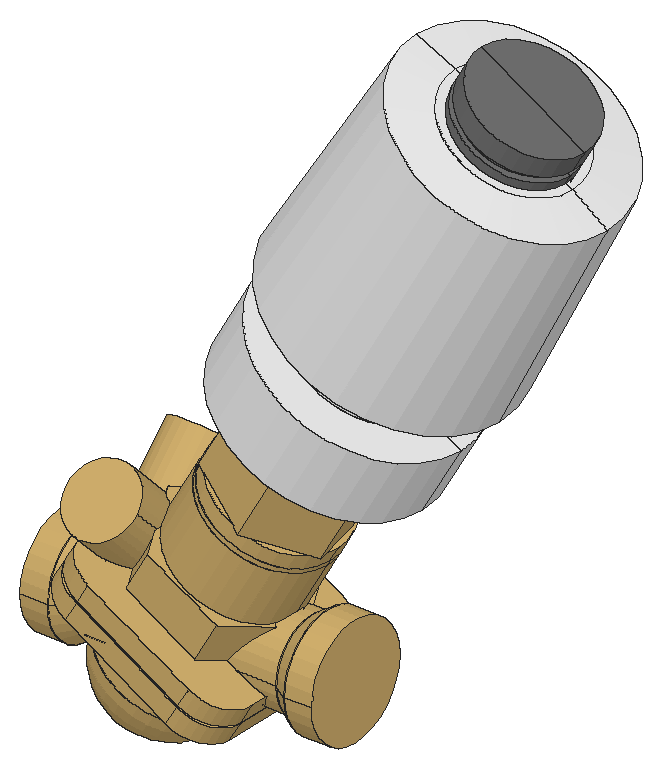
Revit family "AB-QM_DN10LF-32HF_External_TWA-Q_RFA", category Pipe Accessories, Revit 2019
Family settings
  Round Connector Dimension = Use Diameter
  Part Type = Valve - Breaks Into
  Work Plane-Based = No
  Always vertical = Yes
  Cut with Voids When Loaded = No
  Shared = No
Parameters (values of type "AB-QM_DN10_External_003Z1201")
  Weight = 0.38 kg
  TP_L2 = 7 mm
  TD = R_V1_1 * 2  # 20 mm
  R_B4 = 15 mm
  R_B2 = 12 mm
  R_Arc2 = 7 mm
  Nominal Pressure = "PN 16"  # constant formula
  Model Type = "AB-QM_DN10_External"
  LV1 = 22 mm
  LV = 37 mm
  LOD 350 = not(LOD 200)  # yes
  LOD 200 = no
  L1 = 5 mm
  H_N1 = 8 mm
  H_A5 = 6.7 mm  # constant formula
  H_A2 = 20 mm
  TP_L = 13.5 mm
  Valve Body Material = Danfoss Brass
  URL = "https://store.danfoss.com/en/Climate-Solutions-for-heating/Hydronic-Balancing-and-Control/Pressure-independent-balancing-and-control/AB-QM/AB-QM-Valves/c/6990?q=%3Arelevance%3Adanfoss_producttypehierarchydesc%3A64b9d8b4eb1386042d41cb0d6519f866d976fa12%3Adanfoss_a50461501115_fts%3ATA6_1501121%3Adanfoss_a1389412863%3ATA4_425360%3Adanfoss_a1389412863%3ATA3_425359%3Adanfoss_a1389412863%3ATA2_425358%3Adanfoss_a1389412863%3ATA1_425357%3Adanfoss_a1389412863%3ATA30_458320&page=0&pageSize=20"
  TP_H = 17 mm
  Stroke = "2.25 mm"
  Setting Range = "20-120%"
  H_Plate_ve = -H_Plate  # -3.8 mm
  H_Plate = 3.8 mm
  R_T = 10 mm
  R_N2 = 12.7 mm
  R_N1 = 14.4 mm
  R_V1 = 8 mm
  TP_R1 = 6.5 mm
  Pressure Drop [instance] = 0.0 Pa
  Nominal Flow = "275 l/h"
  Model = "003Z1201"
  Min Pressure Drop = "16 kPa"
  Min Medium Temperature = "120 °C"  # constant formula
  Max Pressure Drop = "600 kPa"  # constant formula
  Max Medium Temperature = "2 °C"  # constant formula
  Manufacturer = "Danfoss"  # constant formula
  H_A4 = 3 mm
  L_1 = 26.5 mm
  H_N2 = 17.8 mm
  L2 = 3 mm
  L_Plate = 35 mm
  L = L_1 * 2  # 53 mm
  IfcExportType = "AB-QM"  # constant formula
  IfcExportAs = "IfcValveType"  # constant formula
  H_A = 12.5 mm
  H_A1 = 8 mm
  H_A3 = 1 mm
  H2 = 19 mm
  H1 = 60 mm
  GAP2 = 1 mm
  GAP = 0.5 mm
  Flow [instance] = 0.0 L/s
  Description = "Pressure Independent Control Valve"  # constant formula
  R_B3 = 12 mm
  R_V1_1 = 10 mm
  D = 10 mm
  Connection = "External Thread"  # constant formula
  R_N2_6 = R_N2 * cos(30.00°)  # 10.999 mm
  R_N1_6 = R_N1 * cos(30.00°)  # 12.471 mm
  R_Arc1 = 3 mm
  R_B1 = 12.5 mm
  A2 = 14.5 mm
  A1 = 10.5 mm
  A = 30.00°
Types (11, lengths in mm): name | Weight | TP_L2 | TD | R_B2 | R_Arc2 | Model Type | LV1 | LV | L1 | H_N1 | H_A2 | TP_L | URL | TP_H | Stroke | Setting Range | H_Plate_ve | H_Plate | R_N2 | R_N1 | R_V1 | Nominal Flow | Model | Min Pressure Drop | H_A4 | L_1 | H_N2 | L2 | L_Plate | L | H_A | H_A1 | H_A3 | H2 | H1 | R_B3 | R_V1_1 | D | R_N2_6 | R_N1_6 | R_Arc1 | R_B1 | A2 | A1
  AB-QM_DN25_External_003Z1204 | 1.45 kg | 12 | 42 | 17 | 12 | "AB-QM_DN25_External" | 37 | 74 | 10 | 16 | 31 | 15 | "https://store.danfoss.com/en/Climate-Solutions-for-heating/Hydronic-Balancing-and-Control/Pressure-independent-balancing-and-control/AB-QM/AB-QM-Valves/c/6990?q=%3Arelevance%3Adanfoss_producttypehierarchydesc%3A64b9d8b4eb1386042d41cb0d6519f866d976fa12%3Adanfoss_a50461501115_fts%3ATA6_1501121%3Adanfoss_a1389412863%3ATA4_425360%3Adanfoss_a1389412863%3ATA3_425359%3Adanfoss_a1389412863%3ATA2_425358%3Adanfoss_a1389412863%3ATA1_425357%3Adanfoss_a1389412863%3ATA30_458320&text=" | 17 | "4.50 mm" | "20-110%" | -6 | 6 | 13.9 | 22.4 | 17 | "1700 l/h" | "003Z1204" | "20 kPa" | 3 | 52 | 15.3 | 5 | 71 | 104 | 20 | 20 | 5 | 38 | 73 | 19 | 21 | 25 | 12.038 | 19.399 | 5 | 20 | 22.5 | 13
  AB-QM_DN32_External_003Z1205 | 2.21 kg | 17 | 48 | 22 | 12 | "AB-QM_DN32_External" | 45.5 | 94 | 13 | 20 | 40 | 17 | "https://store.danfoss.com/en/Climate-Solutions-for-heating/Hydronic-Balancing-and-Control/Pressure-independent-balancing-and-control/AB-QM/AB-QM-Valves/c/6990?q=%3Arelevance%3Adanfoss_producttypehierarchydesc%3A64b9d8b4eb1386042d41cb0d6519f866d976fa12%3Adanfoss_a50461501115_fts%3ATA6_1501121%3Adanfoss_a1389412863%3ATA4_425360%3Adanfoss_a1389412863%3ATA3_425359%3Adanfoss_a1389412863%3ATA2_425358%3Adanfoss_a1389412863%3ATA1_425357%3Adanfoss_a1389412863%3ATA30_458320&text=" | 16 | "4.50 mm" | "20-110%" | -8 | 8 | 13.9 | 28 | 22 | "3200 l/h" | "003Z1205" | "25 kPa" | 6.2 | 65 | 15.3 | 5 | 90 | 130 | 25 | 24 | 3.353 | 47 | 83 | 24 | 24 | 32 | 12.038 | 24.249 | 6 | 26 | 28 | 13
  AB-QM_DN20_External_003Z1203 | 0.65 kg | 10 | 33 | 13 | 12 | "AB-QM_DN20_External" | 30.5 | 58.3 | 8 | 16 | 17 | 14 | "https://store.danfoss.com/en/Climate-Solutions-for-heating/Hydronic-Balancing-and-Control/Pressure-independent-balancing-and-control/AB-QM/AB-QM-Valves/c/6990?q=%3Arelevance%3Adanfoss_producttypehierarchydesc%3A64b9d8b4eb1386042d41cb0d6519f866d976fa12%3Adanfoss_a50461501115_fts%3ATA6_1501121%3Adanfoss_a1389412863%3ATA4_425360%3Adanfoss_a1389412863%3ATA3_425359%3Adanfoss_a1389412863%3ATA2_425358%3Adanfoss_a1389412863%3ATA1_425357%3Adanfoss_a1389412863%3ATA30_458320&text=" | 16 | "2.25 mm" | "20-120%" | -6 | 6 | 12.7 | 18.5 | 14 | "900 l/h" | "003Z1203" | "16 kPa" | 5 | 41 | 17.8 | 4 | 56 | 82 | 16 | 14.5 | 5 | 30 | 64 | 13 | 16.5 | 20 | 10.999 | 16.021 | 4 | 16 | 18.5 | 12
  AB-QM_DN15HF_External_003Z1222 | 0.48 kg | 8 | 26.4 | 13 | 7 | "AB-QM_DN15HF_External" | 26 | 47 | 6.5 | 13 | 22.7 | 13 | "https://store.danfoss.com/en/Climate-Solutions-for-heating/Hydronic-Balancing-and-Control/Pressure-independent-balancing-and-control/AB-QM/AB-QM-Valves/c/6990?q=%3Arelevance%3Adanfoss_producttypehierarchydesc%3A64b9d8b4eb1386042d41cb0d6519f866d976fa12%3Adanfoss_a50461501115_fts%3ATA6_1501121%3Adanfoss_a1389412863%3ATA4_425360%3Adanfoss_a1389412863%3ATA3_425359%3Adanfoss_a1389412863%3ATA2_425358%3Adanfoss_a1389412863%3ATA1_425357%3Adanfoss_a1389412863%3ATA30_458320&text=" | 16 | "4.00 mm" | "20-110%" | -4 | 4 | 12.7 | 15 | 12 | "1135 l/h" | "003Z1222" | "35 kPa" | 3 | 32.5 | 17.8 | 2.5 | 45 | 65 | 16 | 9.5 | 1 | 24 | 62 | 13 | 13.2 | 15 | 10.999 | 12.99 | 4 | 14.6 | 15 | 12
  AB-QM_DN10_External_003Z1201 | 0.38 kg | 7 | 20 | 12 | 7 | "AB-QM_DN10_External" | 22 | 37 | 5 | 8 | 20 | 13.5 | "https://store.danfoss.com/en/Climate-Solutions-for-heating/Hydronic-Balancing-and-Control/Pressure-independent-balancing-and-control/AB-QM/AB-QM-Valves/c/6990?q=%3Arelevance%3Adanfoss_producttypehierarchydesc%3A64b9d8b4eb1386042d41cb0d6519f866d976fa12%3Adanfoss_a50461501115_fts%3ATA6_1501121%3Adanfoss_a1389412863%3ATA4_425360%3Adanfoss_a1389412863%3ATA3_425359%3Adanfoss_a1389412863%3ATA2_425358%3Adanfoss_a1389412863%3ATA1_425357%3Adanfoss_a1389412863%3ATA30_458320&page=0&pageSize=20" | 17 | "2.25 mm" | "20-120%" | -3.8 | 3.8 | 12.7 | 14.4 | 8 | "275 l/h" | "003Z1201" | "16 kPa" | 3 | 26.5 | 17.8 | 3 | 35 | 53 | 12.5 | 8 | 1 | 19 | 60 | 12 | 10 | 10 | 10.999 | 12.471 | 3 | 12.5 | 14.5 | 10.5
  AB-QM_DN32HF_External_003Z1225 | 2.21 kg | 17 | 48 | 22 | 12 | "AB-QM_DN32HF_External" | 45.5 | 94 | 13 | 20 | 40 | 17 | "https://store.danfoss.com/en/Climate-Solutions-for-heating/Hydronic-Balancing-and-Control/Pressure-independent-balancing-and-control/AB-QM/AB-QM-Valves/c/6990?q=%3Arelevance%3Adanfoss_producttypehierarchydesc%3A64b9d8b4eb1386042d41cb0d6519f866d976fa12%3Adanfoss_a50461501115_fts%3ATA6_1501121%3Adanfoss_a1389412863%3ATA4_425360%3Adanfoss_a1389412863%3ATA3_425359%3Adanfoss_a1389412863%3ATA2_425358%3Adanfoss_a1389412863%3ATA1_425357%3Adanfoss_a1389412863%3ATA30_458320&text=" | 16 | "4.50 mm" | "20-110%" | -8 | 8 | 13.9 | 28 | 22 | "4000 l/h" | "003Z1225" | "35 kPa" | 6.2 | 65 | 15.3 | 5 | 90 | 130 | 25 | 24 | 3.353 | 47 | 83 | 24 | 24 | 32 | 12.038 | 24.249 | 6 | 26 | 28 | 13
  AB-QM_DN25HF_External_003Z1224 | 1.45 kg | 12 | 42 | 17 | 12 | "AB-QM_DN25HF_External" | 37 | 74 | 10 | 16 | 31 | 15 | "https://store.danfoss.com/en/Climate-Solutions-for-heating/Hydronic-Balancing-and-Control/Pressure-independent-balancing-and-control/AB-QM/AB-QM-Valves/c/6990?q=%3Arelevance%3Adanfoss_producttypehierarchydesc%3A64b9d8b4eb1386042d41cb0d6519f866d976fa12%3Adanfoss_a50461501115_fts%3ATA6_1501121%3Adanfoss_a1389412863%3ATA4_425360%3Adanfoss_a1389412863%3ATA3_425359%3Adanfoss_a1389412863%3ATA2_425358%3Adanfoss_a1389412863%3ATA1_425357%3Adanfoss_a1389412863%3ATA30_458320&text=" | 17 | "4.50 mm" | "20-110%" | -6 | 6 | 13.9 | 22.4 | 17 | "2700 l/h" | "003Z1224" | "35 kPa" | 3 | 52 | 15.3 | 5 | 71 | 104 | 20 | 20 | 5 | 38 | 73 | 19 | 21 | 25 | 12.038 | 19.399 | 5 | 20 | 22.5 | 13
  AB-QM_DN20HF_External_003Z1223 | 0.65 kg | 10 | 33 | 13 | 12 | "AB-QM_DN20HF_External" | 30.5 | 58.3 | 8 | 16 | 17 | 14 | "https://store.danfoss.com/en/Climate-Solutions-for-heating/Hydronic-Balancing-and-Control/Pressure-independent-balancing-and-control/AB-QM/AB-QM-Valves/c/6990?q=%3Arelevance%3Adanfoss_producttypehierarchydesc%3A64b9d8b4eb1386042d41cb0d6519f866d976fa12%3Adanfoss_a50461501115_fts%3ATA6_1501121%3Adanfoss_a1389412863%3ATA4_425360%3Adanfoss_a1389412863%3ATA3_425359%3Adanfoss_a1389412863%3ATA2_425358%3Adanfoss_a1389412863%3ATA1_425357%3Adanfoss_a1389412863%3ATA30_458320&text=" | 16 | "4.00 mm" | "20-110%" | -6 | 6 | 12.7 | 18.5 | 14 | "1700 l/h" | "003Z1223" | "35 kPa" | 5 | 41 | 17.8 | 4 | 56 | 82 | 16 | 14.5 | 5 | 30 | 64 | 13 | 16.5 | 20 | 10.999 | 16.021 | 4 | 16 | 18.5 | 12
  AB-QM_DN15_External_003Z1202 | 0.48 kg | 8 | 26.4 | 13 | 7 | "AB-QM_DN15_External" | 26 | 47 | 6.5 | 13 | 22.7 | 13 | "https://store.danfoss.com/en/Climate-Solutions-for-heating/Hydronic-Balancing-and-Control/Pressure-independent-balancing-and-control/AB-QM/AB-QM-Valves/c/6990?q=%3Arelevance%3Adanfoss_producttypehierarchydesc%3A64b9d8b4eb1386042d41cb0d6519f866d976fa12%3Adanfoss_a50461501115_fts%3ATA6_1501121%3Adanfoss_a1389412863%3ATA4_425360%3Adanfoss_a1389412863%3ATA3_425359%3Adanfoss_a1389412863%3ATA2_425358%3Adanfoss_a1389412863%3ATA1_425357%3Adanfoss_a1389412863%3ATA30_458320&text=" | 16 | "2.25 mm" | "20-120%" | -4 | 4 | 12.7 | 15 | 12 | "450 l/h" | "003Z1202" | "16 kPa" | 3 | 32.5 | 17.8 | 2.5 | 45 | 65 | 16 | 9.5 | 1 | 24 | 62 | 13 | 13.2 | 15 | 10.999 | 12.99 | 4 | 14.6 | 15 | 12
  AB-QM_DN15LF_External_003Z1252 | 0.48 kg | 8 | 26.4 | 13 | 7 | "AB-QM_DN15LF_External" | 26 | 47 | 6.5 | 13 | 22.7 | 13 | "https://store.danfoss.com/en/Climate-Solutions-for-heating/Hydronic-Balancing-and-Control/Pressure-independent-balancing-and-control/AB-QM/AB-QM-Valves/c/6990?q=%3Arelevance%3Adanfoss_producttypehierarchydesc%3A64b9d8b4eb1386042d41cb0d6519f866d976fa12%3Adanfoss_a50461501115_fts%3ATA6_1501121%3Adanfoss_a1389412863%3ATA4_425360%3Adanfoss_a1389412863%3ATA3_425359%3Adanfoss_a1389412863%3ATA2_425358%3Adanfoss_a1389412863%3ATA1_425357%3Adanfoss_a1389412863%3ATA30_458320&text=" | 16 | "2.25 mm" | "20-120%" | -4 | 4 | 12.7 | 15 | 12 | "275 l/h" | "003Z1252" | "16 kPa" | 3 | 32.5 | 17.8 | 2.5 | 45 | 65 | 16 | 9.5 | 1 | 24 | 62 | 13 | 13.2 | 15 | 10.999 | 12.99 | 4 | 14.6 | 15 | 12
  AB-QM_DN10LF_External_003Z1251 | 0.38 kg | 7 | 20 | 12 | 7 | "AB-QM_DN10LF_External" | 22 | 37 | 5 | 8 | 20 | 13.5 | "https://store.danfoss.com/en/Climate-Solutions-for-heating/Hydronic-Balancing-and-Control/Pressure-independent-balancing-and-control/AB-QM/AB-QM-Valves/c/6990?q=%3Arelevance%3Adanfoss_producttypehierarchydesc%3A64b9d8b4eb1386042d41cb0d6519f866d976fa12%3Adanfoss_a50461501115_fts%3ATA6_1501121%3Adanfoss_a1389412863%3ATA4_425360%3Adanfoss_a1389412863%3ATA3_425359%3Adanfoss_a1389412863%3ATA2_425358%3Adanfoss_a1389412863%3ATA1_425357%3Adanfoss_a1389412863%3ATA30_458320&page=0&pageSize=20" | 17 | "2.25 mm" | "20-120%" | -3.8 | 3.8 | 12.7 | 14.4 | 8 | "150 l/h" | "003Z1251" | "16 kPa" | 3 | 26.5 | 17.8 | 3 | 35 | 53 | 12.5 | 8 | 1 | 19 | 60 | 12 | 10 | 10 | 10.999 | 12.471 | 3 | 12.5 | 14.5 | 10.5
Reference planes
  plane 1 "Center (Front/Back)": y = 0
  plane 2 "XYPLANE": z = 0
  plane 3 "Center (Left/Right)": x = 0
  plane 4 "293": x = -13.5
  plane 5 "292": x = -13.5
  plane 6 "245": x = 0
  plane 7 "244": through (0, 535.28, -525.38) normal (0, 0.7071, 0.7071)
  plane 8 "243": through (0, 525.38, 535.28) normal (0, -0.7071, 0.7071)
  plane 9 "237": through (369.753, 0, 652.548) normal (0.866, 0, -0.5)
  plane 10 "228": through (0, 535.28, -525.38) normal (0, 0.7071, 0.7071)
  plane 11 "227": through (0, -535.28, -525.38) normal (0, 0.7071, -0.7071)
  plane 12 "226": x = 0
  plane 13 "202": through (-623.369, 0, 420.293) normal (0.5, 0, 0.866)
  plane 14 "201": through (-626.719, 0, 414.491) normal (0.5, 0, 0.866)
  plane 15 "200": through (-635.619, 0, 399.076) normal (0.5, 0, 0.866)
  plane 16 "199": through (-637.119, 0, 396.477) normal (0.5, 0, 0.866)
  plane 17 "198": through (-637.619, 0, 395.611) normal (0.5, 0, 0.866)
  plane 18 "197": through (-647.619, 0, 378.291) normal (0.5, 0, 0.866)
  plane 19 "195": through (-661.669, 0, 353.956) normal (0.5, 0, 0.866)
  plane 20 "194": through (-655.419, 0, 364.781) normal (0.5, 0, 0.866)
  plane 21 "193": through (-651.419, 0, 371.709) normal (0.5, 0, 0.866)
  plane 22 "192": through (364.033, 0, 665.641) normal (0.866, 0, -0.5)
  plane 23 "189": through (-649.769, 0, 374.567) normal (0.5, 0, 0.866)
  plane 24 "96": through (-649.519, 0, 375) normal (0.5, 0, 0.866)
  plane 25 "95": y = 0
  plane 26 "93": through (370.619, 0, 652.048) normal (0.866, 0, -0.5)
  plane 27 "40": x = 18
  plane 28 "39": x = 15
  plane 29 "38": x = -25
  plane 30 "37": x = -22
  plane 31 "26": x = -30
  plane 32 "25": x = 23
  plane 33 "24": z = 0
  plane 34 "23": y = 0
  plane 35 "22": x = 0
  plane 36 "242XY": through (0, 525.38, 535.28) normal (0, -0.7071, 0.7071)
  plane 37 "242XZ": through (0, 535.28, -525.38) normal (0, 0.7071, 0.7071)
  plane 38 "242YZ": x = 0
  plane 39 "204XY": through (0, 535.28, -525.38) normal (0, 0.7071, 0.7071)
  plane 40 "204XZ": through (0, -535.28, -525.38) normal (0, 0.7071, -0.7071)
  plane 41 "204YZ": x = 0
  plane 42 "87XY": through (-649.519, 0, 375) normal (0.5, 0, 0.866)
  plane 43 "87XZ": y = 0
  plane 44 "87YZ": through (370.619, 0, 652.048) normal (0.866, 0, -0.5)
  plane 45 "LN1": through (-643.619, -1524, 385.219) normal (0.5, 0, 0.866)
  plane 46: through (-619.119, -1524, 427.654) normal (0.5, 0, 0.866)
  plane 47: through (-618.169, -1524, 429.3) normal (0.5, 0, 0.866)
  plane 48: through (358.062, -1524, 659.298) normal (0.866, 0, -0.5)
  plane 49: through (361.526, -1524, 657.298) normal (0.866, 0, -0.5)
  plane 50: through (360.227, -1524, 658.048) normal (0.866, 0, -0.5)
  plane 51 "1": through (0, 530.33, -530.33) normal (0, 0.7071, 0.7071)
  plane 52 "2": through (0, -530.33, -530.33) normal (0, 0.7071, -0.7071)
  plane 53 "3": through (0, 535.987, -524.673) normal (0, 0.7071, 0.7071)
Forms (mm)
  Extrusion 1, solid, material "Danfoss Brass" <- "Valve Body Material", detail levels fine
    sketch origin (-661.669, 0, 353.956) x (0.866025, 0, -0.5) y (0, 1, 0)
      loop
        circle (744.941, 0) r 1
    from 0 to 3 <- "H_A4"
  Revolve 2, solid, material "Danfoss Brass" <- "Valve Body Material", detail levels fine
    sketch origin (-8.083, 0, -12) x (0, 0, 1) y (1, 0, 0)
      loop
        line (4.81, -3.064) -> (-6.015, -9.314)
        arc (-6.015, -9.314) -> (1.617, -14.096) -> (10.56, -13.023) r 13.521
        line (10.56, -13.023) -> (4.81, -3.064)
      axis (-6.515, -8.448) -> (4.31, -2.198)
    angle from 0 to -360
  Extrusion 3, solid, material "Danfoss Brass" <- "Valve Body Material", detail levels fine
    sketch origin (0, 525.38, 535.28) x (0, -0.707107, -0.707107) y (1, 0, 0)
      loop
        circle (743, -13.5) r 6.5
    from 0 to 17 <- "TP_H"
  Extrusion 4, solid, material "Danfoss Brass" <- "Valve Body Material", detail levels fine
    sketch origin (0, 535.28, -525.38) x (0, -0.707107, 0.707107) y (1, 0, 0)
      loop
        circle (757, -13.5) r 6.5
    from 0 to 17 <- "TP_H"
  Extrusion 5, solid, material "Danfoss Brass" <- "Valve Body Material", detail levels fine
    sketch origin (-650.852, 0, 375.192) x (0.866025, 0, -0.5) y (0, 1, 0)
      loop
        line (756.691, 17.5) -> (735.691, 17.5)
        arc (735.691, 17.5) -> (730.741, 15.45) -> (728.691, 10.5) r 7
        line (728.691, 10.5) -> (728.691, -10.5)
        arc (728.691, -10.5) -> (730.741, -15.45) -> (735.691, -17.5) r 7
        line (735.691, -17.5) -> (756.691, -17.5)
        arc (756.691, -17.5) -> (761.641, -15.45) -> (763.691, -10.5) r 7
        line (763.691, -10.5) -> (763.691, 10.5)
        arc (763.691, 10.5) -> (761.641, 15.45) -> (756.691, 17.5) r 7
    from 0 to -3.8 <- "H_Plate_ve"
  Extrusion 6, solid, material "Danfoss Brass" <- "Valve Body Material", detail levels fine
    sketch origin (-5.9, 0, -10.219) x (0.866025, 0, -0.5) y (0, 1, 0)
      loop
        circle (-5.059, 0) r 12.5
    from 8 to 0
  Extrusion 7, solid, material "Danfoss Brass" <- "Valve Body Material", visible <- "LOD 350", detail levels fine
    sketch origin (-647.619, 0, 378.291) x (0.866025, 0, -0.5) y (0, 1, 0)
      loop
        line (730.541, 0) -> (737.741, -12.471) -> (752.141, -12.471) -> (759.341, 0) -> (752.141, 12.471) -> (737.741, 12.471) -> (730.541, 0)
    from 0 to 8 <- "H_N1"
  Extrusion 8, solid, material "Danfoss Brass" <- "Valve Body Material", visible <- "LOD 350", detail levels fine
    sketch origin (5.9, 0, 10.219) x (-0.866025, 0, 0.5) y (0, -1, 0)
      loop
        circle (5.059, 0) r 12
    from 0 to 12
  Extrusion 9, solid, material "Danfoss Brass" <- "Valve Body Material", visible <- "LOD 350", detail levels fine
    sketch origin (-637.119, 0, 396.477) x (0.866025, 0, -0.5) y (0, 1, 0)
      loop
        circle (744.941, 0) r 12
    from 0 to 3 <- "H_A4"
  Extrusion 10, solid, material "Danfoss Brass" <- "Valve Body Material", visible <- "LOD 350", detail levels fine
    sketch origin (-635.619, 0, 399.076) x (0.866025, 0, -0.5) y (0, 1, 0)
      loop
        line (735.386, -8.365) -> (747.408, -12.458) -> (756.964, -4.093) -> (754.497, 8.365) -> (742.474, 12.458) -> (732.919, 4.093) -> (735.386, -8.365)
    from 0 to 17.8 <- "H_N2"
  Extrusion 11, solid, material "Danfoss Brass" <- "Valve Body Material", detail levels fine
    sketch origin (-626.719, 0, 414.491) x (0.866025, 0, -0.5) y (0, 1, 0)
      loop
        circle (744.941, 0) r 15
    from 0 to 6.7
  Extrusion 12, solid, material "Danfoss Brass" <- "Valve Body Material", detail levels fine
    sketch origin (-650.602, 0, 375.625) x (0.866025, 0, -0.5) y (0, 1, 0)
      loop
        arc (735.691, 17.5) -> (730.741, 15.45) -> (728.691, 10.5) r 7
        line (728.691, 10.5) -> (728.691, -10.5)
        arc (728.691, -10.5) -> (730.741, -15.45) -> (735.691, -17.5) r 7
        line (735.691, -17.5) -> (756.691, -17.5)
        arc (756.691, -17.5) -> (761.641, -15.45) -> (763.691, -10.5) r 7
        line (763.691, -10.5) -> (763.691, 10.5)
        arc (763.691, 10.5) -> (761.641, 15.45) -> (756.691, 17.5) r 7
        line (756.691, 17.5) -> (735.691, 17.5)
    from 0 to 3.8 <- "H_Plate"
  Blend 13, solid, material "Danfoss Brass" <- "Valve Body Material", visible <- "LOD 350", detail levels fine
    base sketch origin (-637.119, 0, 396.477) x (0.866025, 0, -0.5) y (0, 1, 0)
      loop
        circle (744.941, 0) r 12
    top sketch origin (-637.119, 0, 396.477) x (0.866025, 0, -0.5) y (0, 1, 0)
      loop
        circle (744.941, 0) r 12
    from 0 to -1
  Extrusion 14, solid, material "Danfoss Brass" <- "Valve Body Material", detail levels fine
    sketch origin (23, -750, 0) x (0, 1, 0) y (0, 0, 1)
      loop
        circle (750, 0) r 10
    from 0 to -5
  Extrusion 15, solid, material "Danfoss Brass" <- "Valve Body Material", detail levels fine
    sketch origin (-30, -750, 0) x (0, 1, 0) y (0, 0, 1)
      loop
        circle (750, 0) r 10
    from 0 to 5 <- "L1"
  Extrusion 16, solid, material "Danfoss Plastic White", detail levels fine
    sketch origin (-623.369, 0, 420.293) x (0.866025, 0, -0.5) y (0, 1, 0)
      loop
        circle (744.941, 0) r 10
    from 0 to 8.5
  Blend 17, solid, material "Danfoss Brass" <- "Valve Body Material", visible <- "LOD 350", detail levels fine
    base sketch origin (18, -750, 0) x (0, 1, 0) y (0, 0, 1)
      loop
        circle (750, 0) r 10
    top sketch origin (18, -750, 0) x (0, 1, 0) y (0, 0, 1)
      loop
        circle (750, 0) r 8
    from 0 to -3
  Blend 18, solid, material "Danfoss Brass" <- "Valve Body Material", visible <- "LOD 350", detail levels fine
    base sketch origin (-25, -750, 0) x (0, 1, 0) y (0, 0, 1)
      loop
        circle (750, 0) r 10
    top sketch origin (-25, -750, 0) x (0, 1, 0) y (0, 0, 1)
      loop
        circle (750, 0) r 8
    from 0 to 3
  Extrusion 19, solid, material "Danfoss Brass" <- "Valve Body Material", visible <- "LOD 350", detail levels fine
    sketch origin (-22, -750, 0) x (0, 1, 0) y (0, 0, 1)
      loop
        circle (750, 0) r 8
    from 0 to 37
  Revolve 20, solid, material "Danfoss Brass" <- "Valve Body Material", detail levels fine
    sketch origin (-8.083, 0, -12) x (0, 0, 1) y (1, 0, 0)
      loop
        line (67.184, 34.102) -> (68.829, 35.052) -> (68.089, 36.333) -> (66.444, 35.383) -> (67.184, 34.102)
      axis (67.184, 34.102) -> (68.829, 35.052)
    angle from 0 to 360
  Extrusion 21, solid, material "Danfoss Brass" <- "Valve Body Material", visible <- "LOD 200", detail levels fine
    sketch origin (-25, -750, 0) x (0, 1, 0) y (0, 0, 1)
      loop
        circle (750, 0) r 8
    from 0 to 43
  Revolve 22, solid, material "Danfoss Brass" <- "Valve Body Material", visible <- "LOD 200", detail levels fine
    sketch origin (-8.083, 0, -12) x (0, 0, 1) y (1, 0, 0)
      loop
        line (54.02, 26.502) -> (17.82, 5.602) -> (25.07, -6.955) -> (31.998, -2.955) -> (30.748, -0.79) -> (44.605, 7.21) -> (43.855, 8.509) -> (59.27, 17.409) -> (54.02, 26.502)
      axis (17.82, 5.602) -> (54.02, 26.502)
    angle from 0 to 360
Lines and regions (mm)
  reference lines, not visible
    curve 1: circle (2, 2, 0) r 1 normal (0, 0, 1)
  reference lines
    curve 2: line (-21.106, 0, -1.44) -> (-17.397, 0, -18.015)
    curve 3: line (-13.5, -16.971, 26.87) -> (-11.84, -15.649, 28.192)
    curve 4: line (-13.5, -16.971, 26.87) -> (-14.289, -15.293, 28.547)
    curve 5: line (-13.5, -16.971, 26.87) -> (-15.949, -16.615, 27.226)
    curve 6: line (-13.5, -10.607, 20.506) -> (-11.84, -9.285, 21.828)
    curve 7: line (-13.5, -10.607, 20.506) -> (-14.289, -8.929, 22.183)
    curve 8: line (-13.5, -10.607, 20.506) -> (-15.949, -10.251, 20.862)
    curve 9: line (-13.5, 10.607, 20.506) -> (-11.84, 11.929, 19.184)
    curve 10: line (-13.5, 10.607, 20.506) -> (-14.289, 12.284, 18.829)
    curve 11: line (-13.5, 10.607, 20.506) -> (-15.949, 10.962, 20.151)
    curve 12: line (-13.5, 16.971, 26.87) -> (-11.84, 18.292, 25.548)
    curve 13: line (-13.5, 16.971, 26.87) -> (-14.289, 18.648, 25.193)
    curve 14: line (-13.5, 16.971, 26.87) -> (-15.949, 17.326, 26.515)
    curve 15: circle (-4.631, 0, 2.096) r 1 normal (-0.5, 0, -0.866)
    curve 16: line (-2.481, 0, 5.82) -> (-0.208, 4.547, 4.508)
    curve 17: line (-2.481, 0, 5.82) -> (2.066, 0, 3.195)
    curve 18: line (-2.481, 0, 5.82) -> (-0.208, -4.547, 4.508)
    curve 19: line (9.519, 0, 26.605) -> (8.762, 4.414, 27.042)
    curve 20: line (9.519, 0, 26.605) -> (12.451, 2.964, 24.912)
    curve 21: line (9.519, 0, 26.605) -> (13.208, -1.45, 24.475)
    curve 22: circle (-4.381, 0, 2.529) r 1 normal (0.5, 0, 0.866)
Dimensions and locks
  plane 1 "Center (Front/Back)" to curve 1 = 2 mm
  "TP_L": plane 12 "226" to plane 4 "293"
  "TP_L": plane 6 "245" to plane 5 "292"
  locked: plane 35 "22" to plane 6 "245"
  locked: plane 37 "242XZ" to plane 7 "244"
  locked: plane 36 "242XY" to plane 8 "243" at 0
  "GAP2": plane 26 "93" to plane 9 "237"
  locked: plane 39 "204XY" to plane 10 "228"
  locked: plane 40 "204XZ" to plane 11 "227"
  locked: plane 35 "22" to plane 12 "226"
  "H_N2": plane 15 "200" to plane 14 "201"
  "H_A4": plane 16 "199" to plane 15 "200"
  "H_A3": plane 17 "198" to plane 16 "199"
  "H_A2": plane 18 "197" to plane 17 "198"
  "H_Plate": plane 24 "96" to plane 18 "197"
  "H_A": plane 20 "194" to plane 19 "195"
  "H_A1": plane 21 "193" to plane 20 "194"
  "H_Plate": plane 24 "96" to plane 21 "193"
  "R_B1": plane 26 "93" to plane 22 "192"
  "GAP": plane 24 "96" to plane 23 "189"
  locked: plane 42 "87XY" to plane 24 "96" at 0
  locked: plane 34 "23" to plane 25 "95"
  locked: plane 44 "87YZ" to plane 26 "93" at 0
  locked: plane 2 "XYPLANE" to plane 33 "24"
  locked: plane 1 "Center (Front/Back)" to plane 34 "23"
  locked: plane 3 "Center (Left/Right)" to plane 35 "22"
  "R_Arc1": curve 2 to Revolve 2 sketch curve
  Revolve 2 sketch curve to Revolve 2 sketch curve = 0 mm  (x6)
  "L_Plate": Extrusion 5 sketch curve to Extrusion 5 sketch curve  (x2)
  "R_N1_6": curve 16 to Extrusion 7 sketch curve  (x2)
  "R_N1_6": curve 17 to Extrusion 7 sketch curve  (x2)
  "R_N1_6": curve 18 to Extrusion 7 sketch curve  (x2)
  Extrusion 7 sketch curve to Extrusion 7 sketch curve = 0 mm  (x12)
  "R_N2_6": curve 19 to Extrusion 10 sketch curve  (x2)
  "R_N2_6": curve 20 to Extrusion 10 sketch curve  (x2)
  "R_N2_6": curve 21 to Extrusion 10 sketch curve  (x2)
  Extrusion 10 sketch curve to Extrusion 10 sketch curve = 0 mm  (x12)
  "L_Plate": Extrusion 12 sketch curve to Extrusion 12 sketch curve  (x2)
  Extrusion 16 to level = 60.184 mm
  Extrusion 11 to Extrusion 9 = 17.8 mm
  "H_N1": plane 45 "LN1" to plane 18 "197"
  plane 32 "25" to plane 31 "26" = 53 mm
  "L1": plane 27 "40" to plane 32 "25"
  "L2": plane 29 "38" to plane 30 "37"
  locked: plane 46 to plane 13 "202" at 8.5
  plane 31 "26" to plane 32 "25" = 53 mm
  Extrusion 5 to Extrusion 5 = 35 mm
  Revolve 20 sketch curve to Revolve 20 sketch curve = 1.48 mm
  locked: plane 47 to plane 46 at 1.9
  "H_A5": plane 13 "202" to plane 14 "201"
  "LV": plane 30 "37" to plane 28 "39"
  "LV1": plane 30 "37" to plane 41 "204YZ"
  "L1": plane 31 "26" to plane 29 "38"
  "L2": plane 28 "39" to plane 27 "40"
  equal spacing: Extrusion 12, plane 43 "87XZ", Extrusion 12
  equal spacing: Extrusion 5, plane 43 "87XZ", Extrusion 5
  equal spacing: Extrusion 12 sketch curve, plane 44 "87YZ", Extrusion 12 sketch curve
  equal spacing: Extrusion 12 sketch curve, plane 43 "87XZ", Extrusion 12 sketch curve
  equal spacing: Extrusion 5 sketch curve, plane 44 "87YZ", Extrusion 5 sketch curve
  level to Revolve 2 = 19.015 mm
  "A2": plane 44 "87YZ" to plane 48
  "A1": plane 44 "87YZ" to plane 49
  "R_B2": plane 44 "87YZ" to plane 50
  "TP_L2": plane 39 "204XY" to plane 51 "1"
  "TP_L2": plane 52 "2" to plane 40 "204XZ"
  "TP_L2": plane 52 "2" to plane 36 "242XY"
  "TP_L2": plane 37 "242XZ" to plane 51 "1"
  "GAP2": radius of Extrusion 1 sketch curve
  "TP_R1": radius of Extrusion 3 sketch curve
  "TP_R1": radius of Extrusion 4 sketch curve
  "R_B1": radius of Extrusion 6 sketch curve
  "R_B2": radius of Extrusion 8 sketch curve
  "R_B3": radius of Extrusion 9 sketch curve
  "R_B4": radius of Extrusion 11 sketch curve
  "R_B2": radius of Blend 13 sketch curve
  "R_B3": radius of Blend 13 sketch curve
  "R_V1_1": radius of Extrusion 14 sketch curve
  "R_V1_1": radius of Extrusion 15 sketch curve
  "R_T": radius of Extrusion 16 sketch curve
  "R_V1": radius of Blend 17 sketch curve
  "R_V1_1": radius of Blend 17 sketch curve
  "R_V1": radius of Blend 18 sketch curve
  "R_V1_1": radius of Blend 18 sketch curve
  "R_V1": radius of Extrusion 19 sketch curve
  "R_Arc2": radius of Extrusion 12 sketch curve  (x4)
  "R_Arc2": radius of Extrusion 5 sketch curve  (x4)
  "R_V1": radius of Extrusion 21 sketch curve
  locked: curve 4 to curve 3 (angle 60.00°)
  locked: curve 5 to curve 4 (angle 60.00°)
  locked: curve 5 to curve 3 (angle 120.00°)
  locked: curve 7 to curve 6 (angle 60.00°)
  locked: curve 8 to curve 7 (angle 60.00°)
  locked: curve 8 to curve 6 (angle 120.00°)
  locked: curve 10 to curve 9 (angle 60.00°)
  locked: curve 11 to curve 10 (angle 60.00°)
  locked: curve 11 to curve 9 (angle 120.00°)
  locked: curve 13 to curve 12 (angle 60.00°)
  locked: curve 14 to curve 13 (angle 60.00°)
  locked: curve 14 to curve 12 (angle 120.00°)
  locked: curve 17 to curve 16 (angle 60.00°)
  locked: curve 18 to curve 17 (angle 60.00°)
  locked: curve 18 to curve 16 (angle 120.00°)
  locked: curve 20 to curve 19 (angle 60.00°)
  locked: curve 21 to curve 20 (angle 60.00°)
  locked: curve 21 to curve 19 (angle 120.00°)
  aligned and locked: level to plane 2 "XYPLANE"
  aligned and locked: plane 25 "95" to Extrusion 1 sketch curve
  aligned and locked: Extrusion 1 sketch curve to plane 26 "93"
  aligned and locked: plane 9 "237" to Revolve 2 sketch curve  (x2)
  aligned and locked: plane 22 "192" to Revolve 2 sketch curve
  aligned and locked: plane 20 "194" to curve 2
  aligned and locked: plane 22 "192" to curve 2
  aligned and locked: plane 9 "237" to curve 2
  aligned and locked: plane 19 "195" to curve 2
  aligned and locked: plane 19 "195" to Revolve 2 sketch curve
  aligned and locked: plane 20 "194" to Revolve 2 sketch curve  (x2)
  aligned and locked: plane 26 "93" to Revolve 2 sketch curve
  aligned and locked: plane 5 "292" to Extrusion 3 sketch curve
  aligned and locked: plane 7 "244" to Extrusion 3 sketch curve
  aligned and locked: plane 5 "292" to curve 4
  aligned and locked: plane 7 "244" to curve 4
  aligned and locked: plane 5 "292" to curve 7
  aligned and locked: plane 7 "244" to curve 8
  aligned and locked: plane 4 "293" to curve 10
  aligned and locked: plane 4 "293" to curve 13
  aligned and locked: plane 4 "293" to Extrusion 4 sketch curve
  aligned and locked: plane 11 "227" to Extrusion 4 sketch curve
  aligned and locked: plane 25 "95" to curve 15
  aligned and locked: curve 15 to plane 26 "93"
  aligned and locked: plane 25 "95" to Extrusion 6 sketch curve
  aligned and locked: Extrusion 6 sketch curve to plane 26 "93"
  aligned and locked: curve 16 to plane 26 "93"
  aligned and locked: plane 25 "95" to curve 17
  aligned and locked: plane 25 "95" to Extrusion 8 sketch curve
  aligned and locked: Extrusion 8 sketch curve to plane 26 "93"
  aligned and locked: plane 25 "95" to Extrusion 9 sketch curve
  aligned and locked: Extrusion 9 sketch curve to plane 26 "93"
  aligned and locked: curve 19 to plane 26 "93"
  aligned and locked: plane 25 "95" to curve 20
  aligned and locked: plane 25 "95" to Extrusion 11 sketch curve
  aligned and locked: Extrusion 11 sketch curve to plane 26 "93"
  aligned and locked: plane 25 "95" to curve 22
  aligned and locked: curve 22 to plane 26 "93"
  aligned and locked: plane 25 "95" to Blend 13 sketch curve  (x2)
  aligned and locked: Blend 13 sketch curve to plane 26 "93"  (x2)
  aligned and locked: Blend 13 to plane 17 "198"
  aligned and locked: plane 33 "24" to Extrusion 14 sketch curve
  aligned and locked: Extrusion 14 sketch curve to plane 34 "23"
  aligned and locked: plane 33 "24" to Extrusion 15 sketch curve
  aligned and locked: Extrusion 15 sketch curve to plane 34 "23"
  aligned and locked: plane 25 "95" to Extrusion 16 sketch curve
  aligned and locked: Extrusion 16 sketch curve to plane 26 "93"
  aligned and locked: plane 33 "24" to Blend 17 sketch curve  (x2)
  aligned and locked: Blend 17 sketch curve to plane 34 "23"  (x2)
  aligned and locked: plane 33 "24" to Blend 18 sketch curve  (x2)
  aligned and locked: Blend 18 sketch curve to plane 34 "23"  (x2)
  aligned and locked: plane 30 "37" to Blend 18
  aligned and locked: plane 33 "24" to Extrusion 19 sketch curve
  aligned and locked: Extrusion 19 sketch curve to plane 34 "23"
  aligned and locked: plane 17 "198" to Extrusion 8
  aligned and locked: Extrusion 14 to plane 27 "40"
  aligned and locked: Extrusion 19 to plane 28 "39"
  aligned and locked: plane 21 "193" to Extrusion 6
  aligned and locked: plane 46 to Extrusion 16
  aligned and locked: plane 13 "202" to Extrusion 11
  aligned and locked: plane 46 to Revolve 20 sketch curve
  aligned and locked: plane 47 to Revolve 20 sketch curve
  aligned and locked: plane 44 "87YZ" to Revolve 20 sketch curve
  aligned and locked: Revolve 20 sketch curve to plane 26 "93"
  aligned and locked: Blend 17 to plane 28 "39"
  aligned and locked: level to Extrusion 21 sketch curve
  aligned and locked: plane 1 "Center (Front/Back)" to Extrusion 21 sketch curve
  aligned and locked: Extrusion 21 to plane 27 "40"
  aligned and locked: plane 44 "87YZ" to Revolve 22 sketch curve
  aligned and locked: plane 18 "197" to Revolve 22 sketch curve
  aligned and locked: plane 45 "LN1" to Revolve 22 sketch curve
  aligned and locked: plane 48 to Revolve 22 sketch curve
  aligned and locked: plane 50 to Revolve 22 sketch curve
  aligned and locked: plane 15 "200" to Revolve 22 sketch curve
  aligned and locked: plane 49 to Revolve 22 sketch curve
  aligned and locked: Revolve 22 sketch curve to Revolve 22 sketch curve  (x2)
  aligned and locked: Revolve 22 sketch curve to plane 14 "201"
  aligned and locked: plane 44 "87YZ" to nested 2
  aligned and locked: nested 2 to plane 14 "201"
  aligned and locked: nested 2 to plane 43 "87XZ"
  aligned and locked: nested 1 to plane 31 "26"
Automatic sketch dimensions
  plane 7 "244" to curve 5 = 0.503 mm
  plane 7 "244" to curve 8 = 0.503 mm
  curve 11 to plane 8 "243" = 0.503 mm
  curve 14 to plane 8 "243" = 0.503 mm
  plane 9 "237" to curve 19 = 0.126 mm
  plane 3 "Center (Left/Right)" to curve 1 = 2 mm
  curve 10 to plane 4 "293" = 0 mm
  Revolve 20 sketch curve to plane 28 "39" = 4.374 mm
  Revolve 20 sketch curve to plane 28 "39" = 1.271 mm
  Revolve 22 sketch curve to plane 14 "201" = 0 mm
  curve 14 to plane 8 "243" = 0 mm
  curve 11 to plane 8 "243" = 0 mm
  plane 31 "26" to Revolve 2 sketch curve = 0.119 mm
  plane 1 "Center (Front/Back)" to Extrusion 5 sketch curve = 17.5 mm
  radius of curve 15 = 1 mm
  radius of curve 22 = 1 mm
  radius of curve 1 = 1 mm
Nested families
  nested 1: "Schematic_PICV_Actuator" at (-3.5, 0, 0), type "Schematic_PICV_Actuator", detail levels coarse+medium
  nested 2: "TWA-Q_RFA" at (18.419, 0, 42.02) x (0.866, 0, -0.5) z (0.5, 0, 0.866), LOD 200 <- "LOD 200", type "TWA-Q_230 V_NC_1.2m_082F1600", detail levels fine
    with LOD 350 yes, LOD 200 no
Connectors
  piping at (23, 0, 0), diameter 10, driven by "D", driven by "Flow"
    settings: on Extrusion 14, index 1, connector inside diameter 609.6 mm, connector length 0 mm, flow factor 0, pipe flow 0.0 L/s, pressure drop 0.0 Pa, fitting loss kfactor 0, connector angle 0.00°, fixture units 0, engagement length 0 mm, angle of deflection 0.00°, flow configuration 0, flow direction 0, fitting loss method 0, system type 29, joint type 0, gender type 0, connector reference index 2, connector utility 0, adjustable connector no, is connector primary yes, connector description ""
  piping at (-30, 0, 0), diameter 10, driven by "D", driven by "Flow"
    settings: on Extrusion 15, index 2, connector inside diameter 609.6 mm, connector length 0 mm, flow factor 0, pipe flow 0.0 L/s, pressure drop 0.0 Pa, fitting loss kfactor 0, connector angle 0.00°, fixture units 0, engagement length 0 mm, angle of deflection 0.00°, flow configuration 0, flow direction 0, fitting loss method 0, system type 29, joint type 0, gender type 0, connector reference index 1, connector utility 0, adjustable connector no, is connector primary no, connector description ""
Definition of nested family "TWA-Q_RFA"
  Parameters (values of type "TWA-Q_230 V_NC_1.2m_082F1600")
    Voltage = 230 V
    URL = "https://assets.danfoss.com/documents/DOC345434040814/DOC345434040814.pdf"
    Safety Function = "Normally Closed"
    Power Supply = "230 V"
    Power Consumption = "< 2 W"  # constant formula
    Power = 2 VA
    Model Type = "TWA-Q_230 V_NC_1.2m"
    Model = "082F1600"
    Max. Stroke = 5 mm  # constant formula
    Manufacturer = "Danfoss"  # constant formula
    LOD 350 [instance] = not(LOD 200)  # yes
    LOD 200 [instance] = no
    IfcExportType = "TWA-Q"  # constant formula
    IfcExportAs = "IfcActuatorType"  # constant formula
    Hb = 23.6 mm  # constant formula
    Ha = 60 mm  # constant formula
    H = 74 mm
    Full Stroke Time = "< 3 mins"  # constant formula
    Description = "Thermal Actuator"  # constant formula
    Da_2 = 22 mm  # constant formula
    D_2 = 19.5 mm  # constant formula
    Control Input = "On/Off and PWM"  # constant formula
    Closing Force = "100-120 N"  # constant formula
    Cable Material = "PVC"
    Cable Length = 1200 mm
    Body Material = none
  Types (8, lengths in mm): name | Voltage | Safety Function | Power Supply | Model Type | Model | LOD 350 | LOD 200 | H | Cable Material | Cable Length
    TWA-Q_230 V_NC_1.2m_082F1600 | 230 V | "Normally Closed" | "230 V" | "TWA-Q_230 V_NC_1.2m" | "082F1600" | yes | no | 74 | "PVC" | 1200
    TWA-Q_230 V_NO_1.2m_082F1601 | 230 V | "Normally Opened" | "230 V" | "TWA-Q_230 V_NO_1.2m" | "082F1601" | no | yes | 72.5 | "PVC" | 1200
    TWA-Q_24 V_NC_1.2m_082F1602 | 24 V | "Normally Closed" | "24 V" | "TWA-Q_24 V_NC_1.2m" | "082F1602" | no | yes | 74 | "PVC" | 1200
    TWA-Q_24 V_NO_1.2m_082F1603 | 24 V | "Normally Opened" | "24 V" | "TWA-Q_24 V_NO_1.2m" | "082F1603" | no | yes | 72.5 | "PVC" | 1200
    TWA-Q_230 V_NC_5m_082F1604 | 230 V | "Normally Closed" | "230 V" | "TWA-Q_230 V_NC_5m" | "082F1604" | no | yes | 74 | "PVC" | 5000
    TWA-Q_24 V_NC_5m_082F1605 | 24 V | "Normally Closed" | "24 V" | "TWA-Q_24 V_NC_5m" | "082F1605" | no | yes | 74 | "PVC" | 5000
    TWA-Q_230 V_NC_2m_082F1610 | 230 V | "Normally Closed" | "230 V" | "TWA-Q_230 V_NC_2m" | "082F1610" | no | yes | 74 | "Halogen free" | 2000
    TWA-Q_24 V_NC_2m_082F1611 | 24 V | "Normally Closed" | "24 V" | "TWA-Q_24 V_NC_2m" | "082F1611" | no | yes | 74 | "Halogen free" | 2000
  Reference planes
    plane 1 "Center (Front/Back)": y = 0
    plane 2: z = 0
    plane 3 "Center (Left/Right)": x = 0
    plane 4: z = 14
    plane 5: z = 74
    plane 6: y = -22
    plane 7: y = 22
    plane 8: z = 23.6
    plane 9: x = -22
    plane 10: x = 22
    plane 11: x = -20
    plane 12: x = 21
    plane 13: x = -19.5
    plane 14: x = 19.5
    plane 15: x = -10.8
    plane 16: x = -12.7
    plane 17: z = 67
  Forms (mm)
    Revolve 1, solid, material <- "Body Material", visible <- "LOD 350"
      sketch origin (0, 0, 0) x (1, 0, 0) y (0, 0, 1)
        loop
          line (-12.284, 67) -> (-20, 66.288) -> (-22, 23.6) -> (-11.6, 23.6) -> (-11.6, 22.134) -> (-12.689, 14) -> (-19.5, 14) -> (-19.5, 0) -> (0, 0) -> (0, 67) -> (-12.284, 67)
        axis (0, 67) -> (0, 0)
      angle from 0 to 360
    Revolve 2, solid, visible <- "LOD 350"
      sketch origin (0, 0, 0) x (1, 0, 0) y (0, 0, 1)
        loop
          line (0, 74) -> (-10.8, 74) -> (-10.8, 70) -> (-9.759, 70) -> (-9.759, 68.63) -> (-10.8, 68.63) -> (-10.8, 64.63) -> (0, 64.63) -> (0, 74)
        axis (0, 74) -> (0, 64.63)
      angle from 0 to 360
    Revolve 3, solid, material <- "Body Material", visible <- "LOD 200"
      sketch origin (0, 0, 0) x (1, 0, 0) y (0, 0, 1)
        loop
          line (0, 67) -> (-22, 67) -> (-22, 23.6) -> (-12.7, 23.6) -> (-12.7, 14) -> (-22, 14) -> (-22, 0) -> (0, 0) -> (0, 67)
        axis (0, 67) -> (0, 0)
      angle from 0 to 360
    Extrusion 4, solid, visible <- "LOD 200"
      sketch origin (0, 0, 0) x (1, 0, 0) y (0, 1, 0)
        loop
          circle (0, 0) r 10.8
      from 67 to 74
  Dimensions and locks
    "H": plane 5 to level
    "Ha": plane 5 to plane 4
    "Da_2": plane 7 to plane 1 "Center (Front/Back)" to plane 6
    "Da_2": plane 9 to plane 3 "Center (Left/Right)" to plane 10
    "D_2": plane 13 to plane 3 "Center (Left/Right)"
    "Hb": plane 8 to level
    Revolve 1 sketch curve to Revolve 1 sketch curve = 14 mm
    Revolve 1 sketch curve to Revolve 1 sketch curve = 9.6 mm
    plane 3 "Center (Left/Right)" to Revolve 1 sketch curve = 12.284 mm
    plane 11 to plane 3 "Center (Left/Right)" = 20 mm
    plane 3 "Center (Left/Right)" to Revolve 1 sketch curve = 12.689 mm
    Revolve 1 sketch curve to plane 3 "Center (Left/Right)" = 11.6 mm
    locked: Revolve 2 sketch curve to Revolve 2 sketch curve at 4  (x2)
    locked: plane 5 to Revolve 2 sketch curve at 9.37
    locked: plane 3 "Center (Left/Right)" to plane 16 at 12.7
    locked: plane 3 "Center (Left/Right)" to plane 15 at 10.8
    locked: plane 17 to plane 8 at 43.4
    radius of Extrusion 4 sketch curve = 10.8 mm
    aligned and locked: level to plane 2
    aligned and locked: Revolve 2 sketch curve to plane 15  (x2)
    aligned and locked: plane 17 to Revolve 1 sketch curve
    aligned and locked: Revolve 3 sketch curve to plane 3 "Center (Left/Right)"
    aligned and locked: Revolve 3 sketch curve to plane 17
    aligned and locked: Revolve 3 sketch curve to plane 9  (x2)
    aligned and locked: Revolve 3 sketch curve to Revolve 1
    aligned and locked: Revolve 3 sketch curve to plane 16
    aligned and locked: Revolve 3 sketch curve to plane 4
    aligned and locked: Revolve 3 sketch curve to level
    aligned and locked: Revolve 3 sketch curve to Revolve 3 sketch curve  (x2)
    aligned and locked: plane 5 to Extrusion 4
    aligned and locked: Extrusion 4 to plane 17
  Automatic sketch dimensions
    Revolve 2 sketch curve to plane 5 = 0 mm  (x2)
    Revolve 2 sketch curve to plane 3 "Center (Left/Right)" = 0 mm  (x2)
    Revolve 2 sketch curve to Revolve 2 sketch curve = 0 mm
    plane 15 to Revolve 2 sketch curve = 1.041 mm
    Revolve 3 sketch curve to level = 0 mm
    plane 1 "Center (Front/Back)" to Extrusion 4 sketch curve = 0 mm
    Extrusion 4 sketch curve to plane 3 "Center (Left/Right)" = 0 mm
    Revolve 1 sketch curve to plane 8 = 0 mm
    plane 9 to Revolve 1 sketch curve = 0 mm
    plane 11 to Revolve 1 sketch curve = 0 mm
    plane 13 to Revolve 1 sketch curve = 0 mm
    Revolve 1 sketch curve to plane 3 "Center (Left/Right)" = 0 mm  (x2)
    Revolve 1 sketch curve to level = 0 mm
    Revolve 1 sketch curve to plane 5 = 0 mm
    Revolve 1 sketch curve to Revolve 1 sketch curve = 1.466 mm
    Revolve 1 sketch curve to plane 17 = 0.712 mm
Definition of nested family "Schematic_PICV_Actuator"
  Parameters (values of type "Schematic_PICV_Actuator")
    L_1 = 3 / 5 * L  # 39 mm
    L = 65 mm
    H4 = L / 3  # 21.667 mm
    H2 = 3 / 5 * L  # 39 mm
    H1 = L  # 65 mm
    D = 15 mm
  Reference planes
    plane 1 "Center (Front/Back)": y = 0
    plane 2: z = 0
    plane 3 "Center (Left/Right)": x = 0
    plane 4: x = 19.5
    plane 5: x = -19.5
    plane 6: z = 7.5
    plane 7: z = -7.5
    plane 8: z = 65
    plane 9: x = 32.5
    plane 10: x = -32.5
    plane 11: y = 7.5
    plane 12: y = -7.5
    plane 13: y = 65
    plane 14: y = -39
    plane 15: z = -39
    plane 16: z = -28.167
    plane 17: y = -28.167
    plane 18: z = -17.333
    plane 19: y = -17.333
    plane 20: z = 26
    plane 21: y = 26
  Lines and regions (mm)
    model lines
      curve 1: line (0, 0, 26) -> (0, 0, -17.333)
      curve 2: line (0, 0, 0) -> (-32.5, 0, 7.5)
      curve 3: line (-32.5, 0, 7.5) -> (-32.5, 0, -7.5)
      curve 4: line (-32.5, 0, -7.5) -> (0, 0, 0)
      curve 5: line (0, 0, 0) -> (32.5, 0, 7.5)
      curve 6: line (32.5, 0, 7.5) -> (32.5, 0, -7.5)
      curve 7: line (32.5, 0, -7.5) -> (0, 0, 0)
      curve 8: spline (-19.5, 0, -28.167) -> (-18.836, 0, -30.971) -> (-16.887, 0, -33.583) -> (-13.789, 0, -35.827) -> (-9.75, 0, -37.549) -> (-5.047, 0, -38.631) -> (0, 0, -39) -> (5.047, 0, -38.631) -> (9.75, 0, -37.549) -> (13.789, 0, -35.827) -> (16.887, 0, -33.583) -> (18.836, 0, -30.971) -> (19.5, 0, -28.167) -> (18.836, 0, -25.363) -> (16.887, 0, -22.75) -> (13.789, 0, -20.506) -> (9.75, 0, -18.785) -> (5.047, 0, -17.702) -> (0, 0, -17.333) -> (-5.047, 0, -17.702) -> (-9.75, 0, -18.785) -> (-13.789, 0, -20.506) -> (-16.887, 0, -22.75) -> (-18.836, 0, -25.363) -> (-19.5, 0, -28.167)
      curve 9: line (-19.5, 0, -28.167) -> (19.5, 0, -28.167)
      curve 10: line (-19.5, 0, 65) -> (19.5, 0, 65)
      curve 11: line (-19.5, 0, 65) -> (-19.5, 0, 26)
      curve 12: line (-19.5, 0, 26) -> (19.5, 0, 26)
      curve 13: line (19.5, 0, 26) -> (19.5, 0, 65)
    symbolic lines
      curve 14: line (32.5, 7.5, 0) -> (32.5, -7.5, 0)
      curve 15: line (-32.5, 7.5, 0) -> (-32.5, -7.5, 0)
      curve 16: line (-32.5, 7.5, 0) -> (0, 0, 0)
      curve 17: line (0, 0, 0) -> (-32.5, -7.5, 0)
      curve 18: line (0, 0, 0) -> (32.5, -7.5, 0)
      curve 19: line (0, 0, 0) -> (32.5, 7.5, 0)
      curve 20: line (0, 26, 0) -> (0, -17.333, 0)
      curve 21: spline (-19.5, -28.167, 0) -> (-18.836, -30.971, 0) -> (-16.887, -33.583, 0) -> (-13.789, -35.827, 0) -> (-9.75, -37.549, 0) -> (-5.047, -38.631, 0) -> (0, -39, 0) -> (5.047, -38.631, 0) -> (9.75, -37.549, 0) -> (13.789, -35.827, 0) -> (16.887, -33.583, 0) -> (18.836, -30.971, 0) -> (19.5, -28.167, 0) -> (18.836, -25.363, 0) -> (16.887, -22.75, 0) -> (13.789, -20.506, 0) -> (9.75, -18.785, 0) -> (5.047, -17.702, 0) -> (0, -17.333, 0) -> (-5.047, -17.702, 0) -> (-9.75, -18.785, 0) -> (-13.789, -20.506, 0) -> (-16.887, -22.75, 0) -> (-18.836, -25.363, 0) -> (-19.5, -28.167, 0)
      curve 22: line (19.5, -28.167, 0) -> (-19.5, -28.167, 0)
      curve 23: line (19.5, 65, 0) -> (-19.5, 65, 0)
      curve 24: line (-19.5, 65, 0) -> (-19.5, 26, 0)
      curve 25: line (-19.5, 26, 0) -> (19.5, 26, 0)
      curve 26: line (19.5, 26, 0) -> (19.5, 65, 0)
  Dimensions and locks
    equal spacing: plane 4, plane 3 "Center (Left/Right)", plane 5
    "D": plane 6 to plane 7
    equal spacing: plane 6, level, plane 7
    "L": plane 9 to plane 10
    equal spacing: plane 9, plane 3 "Center (Left/Right)", plane 10
    "D": plane 12 to plane 11
    equal spacing: plane 12, plane 1 "Center (Front/Back)", plane 11
    "H1": plane 1 "Center (Front/Back)" to plane 13
    "H2": plane 14 to plane 1 "Center (Front/Back)"
    "H1": plane 8 to level
    "H2": level to plane 15
    equal spacing: plane 18, plane 16, plane 15
    equal spacing: plane 14, plane 17, plane 19
    "L_1": plane 4 to plane 5
    "L_1": plane 8 to plane 20
    "L_1": plane 21 to plane 13
    "H4": plane 18 to plane 15
    "H4": plane 14 to plane 19
    aligned and locked: level to plane 2
    aligned and locked: plane 4 to curve 8
    aligned and locked: plane 5 to curve 8
    aligned and locked: plane 5 to curve 10
    aligned and locked: plane 4 to curve 10
    aligned and locked: curve 9 to plane 16
    aligned and locked: plane 16 to curve 8
    aligned and locked: plane 18 to curve 8
    aligned and locked: plane 17 to curve 21
    aligned and locked: plane 3 "Center (Left/Right)" to curve 21
    aligned and locked: plane 19 to curve 21
  Automatic sketch dimensions
    curve 3 to plane 7 = 0 mm
    curve 3 to plane 10 = 0 mm
    curve 2 to level = 0 mm
    curve 2 to plane 3 "Center (Left/Right)" = 0 mm
    curve 6 to plane 7 = 0 mm
    curve 6 to plane 9 = 0 mm
    curve 7 to level = 0 mm
    curve 5 to level = 0 mm
    curve 6 to plane 6 = 0 mm
    curve 3 to plane 6 = 0 mm
    curve 1 to plane 20 = 0 mm
    curve 10 to plane 8 = 0 mm
    curve 16 to plane 10 = 0 mm
    curve 23 to plane 5 = 0 mm
    curve 22 to plane 5 = 0 mm
    plane 1 "Center (Front/Back)" to curve 19 = 0 mm
    curve 19 to plane 3 "Center (Left/Right)" = 0 mm
    curve 20 to plane 3 "Center (Left/Right)" = 0 mm
    curve 23 to plane 4 = 0 mm
    curve 18 to plane 9 = 0 mm
    plane 17 to curve 22 = 0 mm
    plane 12 to curve 18 = 0 mm
    plane 12 to curve 17 = 0 mm
    plane 11 to curve 15 = 0 mm
    plane 11 to curve 19 = 0 mm
    plane 21 to curve 20 = 0 mm
    plane 21 to curve 26 = 0 mm
    plane 13 to curve 23 = 0 mm
